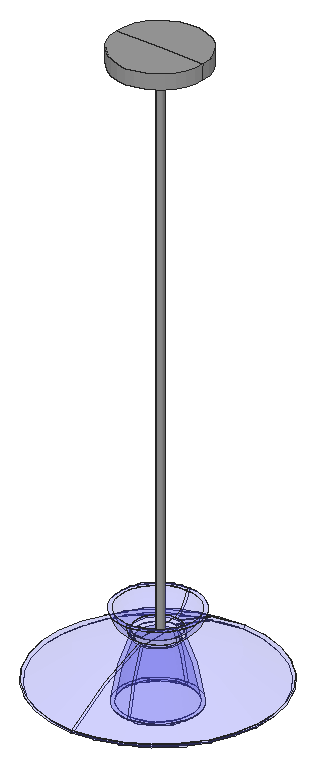
Revit family
Parameters (values of type "150W - 277V")
  Wattage = 150 W
  built-in parameter 1150110 = 1 (stored number, unit not read)
  built-in parameter 1114217 = 1 (stored number, unit not read)
  built-in parameter 1150109 = 1 (stored number, unit not read)
  built-in parameter 1150134 = 4
  built-in parameter 1150113 = 1 (stored number, unit not read)
  built-in parameter 1150115 = 1 (stored number, unit not read)
  built-in parameter 1150105 = 221.19 (stored number, unit not read)
  Light Source Symbol Size = 2' - 0"
  built-in parameter 1150137 = 1
  built-in parameter 1150139 = (empty or 0)
  built-in parameter 1150112 = 1 (stored number, unit not read)
  built-in parameter 1150114 = 1 (stored number, unit not read)
  Lamp = "A-21"
  built-in parameter 1150132 = (empty or 0)
  built-in parameter 1150102 = (empty or 0)
  built-in parameter 1150138 = (empty or 0)
  built-in parameter 1150107 = 2800 (stored number, unit not read)
  built-in parameter 1150106 = 2.2119 (stored number, unit not read)
  Emit from Circle Diameter = Fixture Radius * 2  # 0' - 9"
  Emit Shape Visible in Rendering = no
  built-in parameter 1150104 = 1.7215 (stored number, unit not read)
  Dimming Lamp Color Temperature Shift = (empty or 0)
  Color Filter = 16777215
  built-in parameter 1140040 [instance] = 1
  Ballast Voltage = 277 V
  Ballast Number of Poles = 1
  built-in parameter 1114218 = 1 (stored number, unit not read)
  built-in parameter 1150133 = 10 (stored number, unit not read)
  Assembly Code = "D5020220"
  Ceiling Mount Material = Metal - Chrome
  Drop From Ceiling = 2' - 0"
  Fixture Material = Plastic - Blue
  Glass Material = Glass - Clear, Grey
  Lumens = 2779.5 lm
  Fixture Radius = Glass Radius * 0.5  # 0' - 4 1/2"
  Glass Radius = 0' - 9"
  Type Comments = ""
  Wattage Comments = ""
  Apparent Load = 150 VA
Types (4): name | Wattage | built-in parameter 1114217 | built-in parameter 1150134 | built-in parameter 1150105 | built-in parameter 1150137 | Lamp | built-in parameter 1150107 | built-in parameter 1150106 | built-in parameter 1150104 | Ballast Voltage | Fixture Material | Lumens | Type Comments | Apparent Load
  100W - 277V | 40 W | 0.69 (stored number, unit not read) | 8 | 53.794 (stored number, unit not read) | (empty or 0) | "A-19" | 4230 (stored number, unit not read) | 0.53794 (stored number, unit not read) | 1.5701 (stored number, unit not read) | 277 V | Plastic - Blue | 676 lm | "3.5\" Min.Radius" | 100 VA
  150W - 120V | 150 W | 1 (stored number, unit not read) | 4 | 221.19 (stored number, unit not read) | 1 | "A-21" | 2800 (stored number, unit not read) | 2.2119 (stored number, unit not read) | 1.7215 (stored number, unit not read) | 120 V | Plastic - Blue | 2779.5 lm | "" | 150 VA
  150W - 277V | 150 W | 1 (stored number, unit not read) | 4 | 221.19 (stored number, unit not read) | 1 | "A-21" | 2800 (stored number, unit not read) | 2.2119 (stored number, unit not read) | 1.7215 (stored number, unit not read) | 277 V | Plastic - Blue | 2779.5 lm | "" | 150 VA
  100W - 120V | 100 W | 0.76 (stored number, unit not read) | 4 | 134.49 (stored number, unit not read) | (empty or 0) | "A-19" | 2800 (stored number, unit not read) | 1.3449 (stored number, unit not read) | 1.5701 (stored number, unit not read) | 120 V | 08029 - Swooshy Poo Metal Trim | 1690 lm | "3.5\" Min.Radius" | 100 VA
Reference planes (in)
  plane 1 "Light Axis": y = 0
  plane 2 "Ceiling": z = 108
  plane 3 "Light Axis": x = 0
  plane 4 "Light Source Elevation": z = 67
Forms (in)
  Revolve 1, solid, material "Metal - Chrome" <- "Ceiling Mount Material"
    sketch origin (0, 0, -12) x (1, 0, 0) y (0, 0, 1)
      loop
        line (0, 120) -> (-3, 120) -> (-3, 119) -> (0, 117.60108) -> (0, 120)
      axis (0, 120) -> (0, 117.60108)
    angle from 0 to 360
  Extrusion 2, solid, material "Metal - Chrome" <- "Ceiling Mount Material"
    sketch origin (0, 0, 67) x (0, -1, 0) y (1, 0, 0)
      loop
        circle (0, 0) r 0.25
    from 4.71179 to 38.99967
  Revolve 3, solid, material "Frosted Glass for Lights"
    sketch origin (-0.12535, 0, 67) x (0, 1, 0) y (0, 0, 1)
      loop
        arc (1.57652, 4.48173) -> (2.35231, 5.06774) -> (2.7613, 5.94977) r 2.0055
        arc (2.7613, 5.94977) -> (2.63369, 6.05234) -> (2.50608, 5.94977) r 0.13067
        arc (2.50608, 5.94977) -> (2.14254, 5.20616) -> (1.47868, 4.71179) r 1.75549
        line (1.47868, 4.71179) -> (0, 4.71179) -> (0, 4.15429) -> (1.28296, 4.15429)
        arc (1.28296, 4.15429) -> (1.9604, 2.17716) -> (2.36386, 0.12651) r 15.39769
        arc (2.36386, 0.12651) -> (2.49037, 0) -> (2.61688, 0.12651) r 0.12651
        arc (2.61688, 0.12651) -> (2.20678, 2.21944) -> (1.5159, 4.23718) r 15.64835
        arc (1.5159, 4.23718) -> (4.57773, 3.11922) -> (7.34582, 1.3981) r 15.83657
        arc (7.34582, 1.3981) -> (7.52237, 1.42047) -> (7.50001, 1.59701) r 0.12583
        arc (7.50001, 1.59701) -> (4.68752, 3.34586) -> (1.57652, 4.48173) r 16.08755
      axis (0, 5.94977) -> (0, 0.12651)
    angle from 0 to 360
Lines and regions (in)
  sketch lines
    curve 1: line (-57.9955, 60, 0) -> (62.0045, 60, 0)
    curve 2: line (-57.9955, 60, 0) -> (-57.9955, -60, 0)
    curve 3: line (-57.9955, -60, 0) -> (62.0045, -60, 0)
    curve 4: line (62.0045, 60, 0) -> (62.0045, -60, 0)
Dimensions and locks (in)
  equal spacing: curve 2, plane 3 "Light Axis", curve 4
  equal spacing: curve 3, plane 1 "Light Axis", curve 1
  curve 2 to curve 4 = 10' - 0"
  curve 3 to curve 1 = 10' - 0"
  host ceiling to plane 4 "Light Source Elevation" = 3' - 5"
  aligned and locked: plane 1 "Light Axis" to imposter light
  aligned: Extrusion 2 to Revolve 3
Automatic sketch dimensions
  plane 2 "Ceiling" to Revolve 1 sketch curve = 0' - 0"
  Revolve 1 sketch curve to plane 3 "Light Axis" = 0' - 0"  (x2)
  Revolve 1 sketch curve to plane 2 "Ceiling" = 0' - 1"
  Revolve 1 sketch curve to plane 3 "Light Axis" = 0' - 3"
  Revolve 1 sketch curve to plane 2 "Ceiling" = 0' - 2.39892"
  Revolve 1 sketch curve to Revolve 1 sketch curve = 0' - 2.60108"
  plane 2 "Ceiling" to Revolve 1 sketch curve = 0' - 3"
  Extrusion 2 sketch curve to plane 3 "Light Axis" = 0' - 0"
  Extrusion 2 sketch curve to plane 1 "Light Axis" = 0' - 0"
  Extrusion 2 sketch curve to plane 1 "Light Axis" = 0' - 0 1/4"
  Revolve 3 sketch curve to plane 1 "Light Axis" = 0' - 0"  (x2)
  Revolve 3 sketch curve to plane 4 "Light Source Elevation" = 0' - 0"
  plane 1 "Light Axis" to Revolve 3 sketch curve = 0' - 2.35595"
  Revolve 3 sketch curve to Revolve 3 sketch curve = 0' - 0.00024"
  plane 4 "Light Source Elevation" to Revolve 3 sketch curve = 0' - 1.82903"
  plane 1 "Light Axis" to Revolve 3 sketch curve = 1' - 0.9088"
  Revolve 3 sketch curve to Revolve 3 sketch curve = 0' - 0.00229"
  Revolve 3 sketch curve to plane 1 "Light Axis" = 0' - 0.79165"
  Revolve 3 sketch curve to Revolve 3 sketch curve = 0' - 0"  (x4)
  Revolve 3 sketch curve to plane 1 "Light Axis" = 0' - 1.28296"
  Revolve 3 sketch curve to Revolve 3 sketch curve = 0' - 0.19572"
  Revolve 3 sketch curve to Revolve 3 sketch curve = 0' - 0.23294"
  Revolve 3 sketch curve to Revolve 3 sketch curve = 0' - 0.09784"
  Revolve 3 sketch curve to plane 4 "Light Source Elevation" = 0' - 0.12651"
  Revolve 3 sketch curve to plane 1 "Light Axis" = 0' - 2.36386"
  Revolve 3 sketch curve to Revolve 3 sketch curve = 0' - 0.12651"
  Revolve 3 sketch curve to Revolve 3 sketch curve = 0' - 1.0274"
  Revolve 3 sketch curve to Revolve 3 sketch curve = 0' - 0.12761"  (x2)
  Revolve 3 sketch curve to plane 4 "Light Source Elevation" = 0' - 1.3981"
  Revolve 3 sketch curve to Revolve 3 sketch curve = 0' - 4.72895"
  Revolve 3 sketch curve to Revolve 3 sketch curve = 0' - 0.07709"  (x2)
  Revolve 3 sketch curve to Revolve 3 sketch curve = 0' - 0.01526"
  Revolve 3 sketch curve to Revolve 3 sketch curve = 0' - 0.5575"
  Revolve 3 sketch curve to Revolve 3 sketch curve = 0' - 1.20989"
  Revolve 3 sketch curve to Revolve 3 sketch curve = 0' - 1.76871"
